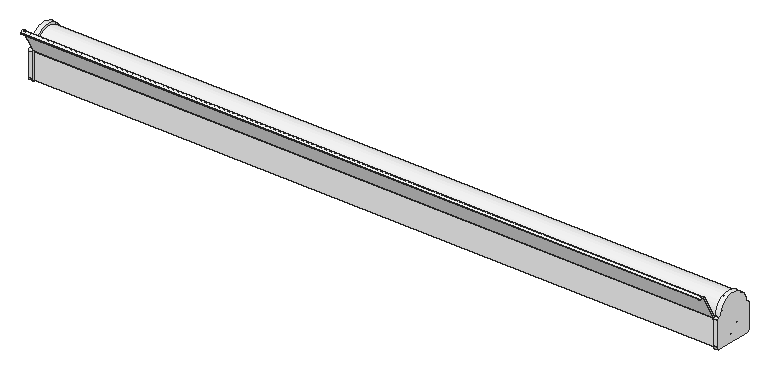
Revit family "0045178+0045234 Feilo Sylvania Lighting Fixture SYLBATTEN LED3 WW TP3 with ASYMMETRIC REFLECTOR ACCESSORY 1200MM", category Lighting Fixtures, host Face, Revit 2017
Family settings
  Host = Face
  Round Connector Dimension = Use Diameter
  Part Type = Normal
  OmniClass Number = 23.80.70.00
  OmniClass Title = Lighting
  Cut with Voids When Loaded = No
  Light Source = Yes
  Shared = No
  Room Calculation Point = No
Parameters (values of type "0045178 SYLBATTEN LED3 WW TP3")
  Width_FEILO = 66 mm
  Weight = "2.57 kg"
  Wattage Comments = "n/a"
  Wattage = 26 W
  WarrantyStartDate [instance] = "n/a"
  WarrantyGuarantorParts = "n/a"
  WarrantyDurationUnit = "n/a"
  WarrantyDurationParts = "n/a"
  WarrantyDescription = "n/a"
  built-in parameter 1150110 = 1 (stored number, unit not read)
  Voltage = 230 V
  URL = "http://www.sylvania-lighting.com"
  TypeName = "SYLBATTEN LED3 WW TP3"
  Type Image = <None>
  Type Comments = "n/a"
  built-in parameter 1114217 = 1 (stored number, unit not read)
  Tilt Angle = -90.00°
  built-in parameter 1150109 = 1 (stored number, unit not read)
  built-in parameter 1150134 = (empty or 0)
  SymReflector_FEILO = no
  built-in parameter 1150113 = 1 (stored number, unit not read)
  SerialNumber [instance] = "n/a"
  PowerFactor = 0
  PowerConsumption = "26 W"
  Photometric Web File = "0045178+0045234.ies"
  NominalLength = 1205 mm
  NominalHeight = 91 mm
  NominalDepth = 122 mm
  Name = "SYLBATTEN LED3 WW TP3"
  ModelReference = Name  # "SYLBATTEN LED3 WW TP3"
  ModelNumber = "0045178"
  Model = Name  # "SYLBATTEN LED3 WW TP3"
  Material_4_FEILO = Reflector-Sylvania-Sylbatten-White
  Material_3_FEILO = Diffuser-Sylvania-Sylbatten-Glow
  Material_2_FEILO = Body-Sylvania-Sylbatten-White
  Material_1_FEILO = Body-Sylvania-Sylbatten-White
  Material = "sheet steel housing, polycarbonate diffuser"
  ManufacturerName = "Feilo Sylvania"
  Manufacturer = "Feilo Sylvania"
  LuminousEfficacy = "94.07 lm/W"
  built-in parameter 1150105 = 194.63 (stored number, unit not read)
  Lumens = 2445.82 lm
  LuminaireType = ""
  built-in parameter 1150115 = 1 (stored number, unit not read)
  LightOutputRatio = "100"
  built-in parameter 1150137 = (empty or 0)
  built-in parameter 1150139 = (empty or 0)
  Length_FEILO = 1205 mm
  LampsType = Lamp  # "LED"
  LampNominalLuminous = "2446 lm"
  LampMacAdamStep = "n/a"
  LampColourTemperature = "3000 K"
  LampColourRenderingIndex = "80"
  built-in parameter 1150112 = 1 (stored number, unit not read)
  built-in parameter 1150114 = 1 (stored number, unit not read)
  Lamp = "LED"
  Keynote = "16500"
  InstallationDate [instance] = "n/a"
  InputVoltage = "220-240V~"
  InputNominalFrequency = "n/a"
  built-in parameter 1150132 = (empty or 0)
  built-in parameter 1150102 = (empty or 0)
  built-in parameter 1150107 = 3000 (stored number, unit not read)
  built-in parameter 1150138 = (empty or 0)
  IngressProtection = "IP20"
  ImpactProtectionIndex = "IK07"
  built-in parameter 1150106 = 1.9463 (stored number, unit not read)
  IfcExportType = "IfcLightFixtureType"
  IfcExportAs = "IfcLightFixtureType"
  Height_FEILO = 76 mm
  ExpectedLife = 50000
  Emit from Rectangle Width = Length_FEILO - 16 mm  # 1189 mm
  Emit from Rectangle Length = Width_FEILO - 40 mm  # 26 mm
  Emit Shape Visible in Rendering = no
  ElectricShockClassification = "Class I"
  built-in parameter 1150104 = 8.7394 (stored number, unit not read)
  DurationUnit = "hours"
  DocumentationLiterature = "http://www.sylvania-lighting.com/product/en-int/products/0045178"
  DimmingControlOptions = "n/a"
  Dimming Lamp Color Temperature Shift = <None>
  Description = "LED batten, T8 replacement, ease of installation through 2 part push-in design of the housing (safety cable included), through wiring capability (TP3 = 3 core), sheet steel, 2446LM, 26W, 94lm/W, 3000K, drive current: 350mA, CRI 80, 138° wide beam angle, electronic driver (non dimmable), IP20, IK07, 50,000 hrs (L70), (LxWxH) 1205x66x76mm, 5 step MacAdam ellipse, 3kg, white RAL 9016, Class 1, 220-240V, energy class: A++, A+, A."
  Default Elevation = 1219.2 mm
  CreatedOn = "1/25/2018"
  CreatedBy = ""
  Cost = 0
  Color Filter = 16777215
  built-in parameter 1114216 [instance] = (empty or 0)
  ClassificationValue = "EF_70_80"
  ClassificationName = "Uniclass2015"
  CapOffset_FEILO = 2 mm
  BarCode [instance] = "n/a"
  built-in parameter 1114218 = 1 (stored number, unit not read)
  BackReflector_FEILO = and(not(AsymReflector_FEILO), SymReflector_FEILO)  # no
  built-in parameter 1150133 = 10 (stored number, unit not read)
  FrontReflector_FEILO = or(AsymReflector_FEILO, SymReflector_FEILO)  # yes
  AsymReflector_FEILO = yes
  AssetType = "Fixed"
  AssetIdentifier [instance] = "n/a"
  Assembly Code = "D5020200"
  Apparent Load = 26 VA
Reference planes
  plane 1 "Center (Front/Back)": y = 0
  plane 2: z = 0
  plane 3 "Center (Left/Right)": x = 0
  plane 4: x = 602.5
  plane 5: x = -602.5
  plane 6: y = 33
  plane 7: y = -33
  plane 8: z = 76
  plane 9: z = 47
  plane 10: y = -29
  plane 11: y = 29
  plane 12: z = 20
  plane 13: z = 74
  plane 14: y = -31
  plane 15: y = -27
  plane 16: y = 27
  plane 17: y = 31
  plane 18: z = 2
  plane 19: x = -594.5
  plane 20: x = 594.5
  plane 21: z = 49
  plane 22: y = 1
  plane 23: y = -1
  plane 24: z = 21
  plane 25: z = 19
  plane 26: y = -61
  plane 27: y = 61
  plane 28: y = -56
  plane 29: y = 56
  plane 30: z = 91
  plane 31: z = 88
Forms (mm)
  Extrusion 1, solid, material "Body-Sylvania-Sylbatten-White" <- "Material_2_FEILO"
    sketch origin (0, 0, 0) x (0, 1, 0) y (0, 0, 1)
      loop
        line (-31, 2) -> (31, 2) -> (31, 45)
        arc (31, 45) -> (30.414, 46.414) -> (29, 47) r 2
        line (29, 47) -> (27, 47)
        arc (27, 47) -> (0, 74) -> (-27, 47) r 27
        line (-27, 47) -> (-29, 47)
        arc (-29, 47) -> (-30.414, 46.414) -> (-31, 45) r 2
        line (-31, 45) -> (-31, 2)
    from -594.5 to 594.5
  Extrusion 2, solid, material "Body-Sylvania-Sylbatten-White" <- "Material_2_FEILO"
    sketch origin (602.5, 1524, 1219.2) x (0, 1, 0) y (0, 0, 1)
      loop
        arc (-1494, -1219.2) -> (-1491.879, -1218.321) -> (-1491, -1216.2) r 3
        line (-1491, -1216.2) -> (-1491, -1173.2)
        arc (-1491, -1173.2) -> (-1491.879, -1171.079) -> (-1494, -1170.2) r 3
        line (-1494, -1170.2) -> (-1495.069, -1170.2)
        arc (-1495.069, -1170.2) -> (-1524, -1143.2) -> (-1552.931, -1170.2) r 29
        line (-1552.931, -1170.2) -> (-1554, -1170.2)
        arc (-1554, -1170.2) -> (-1556.121, -1171.079) -> (-1557, -1173.2) r 3
        line (-1557, -1173.2) -> (-1557, -1216.2)
        arc (-1557, -1216.2) -> (-1556.121, -1218.321) -> (-1554, -1219.2) r 3
        line (-1554, -1219.2) -> (-1494, -1219.2)
      loop
        arc (-1525, -1189.25) -> (-1531.071, -1192.129) -> (-1533.95, -1198.2) r 10
        line (-1533.95, -1198.2) -> (-1532.944, -1198.2)
        arc (-1532.944, -1198.2) -> (-1530.364, -1192.836) -> (-1525, -1190.256) r 9
        line (-1525, -1190.256) -> (-1525, -1189.25)
      loop
        arc (-1523, -1190.256) -> (-1517.636, -1192.836) -> (-1515.056, -1198.2) r 9
        line (-1515.056, -1198.2) -> (-1514.05, -1198.2)
        arc (-1514.05, -1198.2) -> (-1516.929, -1192.129) -> (-1523, -1189.25) r 10
        line (-1523, -1189.25) -> (-1523, -1190.256)
      loop
        line (-1532.944, -1200.2) -> (-1533.95, -1200.2)
        arc (-1533.95, -1200.2) -> (-1531.071, -1206.271) -> (-1525, -1209.15) r 10
        line (-1525, -1209.15) -> (-1525, -1208.144)
        arc (-1525, -1208.144) -> (-1530.364, -1205.564) -> (-1532.944, -1200.2) r 9
      loop
        arc (-1515.056, -1200.2) -> (-1517.636, -1205.564) -> (-1523, -1208.144) r 9
        line (-1523, -1208.144) -> (-1523, -1209.15)
        arc (-1523, -1209.15) -> (-1516.929, -1206.271) -> (-1514.05, -1200.2) r 10
        line (-1514.05, -1200.2) -> (-1515.056, -1200.2)
    from 0 to -8
  Extrusion 3, solid, material "Body-Sylvania-Sylbatten-White" <- "Material_2_FEILO"
    sketch origin (-602.5, 1524, 1219.2) x (0, 1, 0) y (0, 0, 1)
      loop
        arc (-1495.069, -1170.2) -> (-1524, -1143.2) -> (-1552.931, -1170.2) r 29
        line (-1552.931, -1170.2) -> (-1554, -1170.2)
        arc (-1554, -1170.2) -> (-1556.121, -1171.079) -> (-1557, -1173.2) r 3
        line (-1557, -1173.2) -> (-1557, -1216.2)
        arc (-1557, -1216.2) -> (-1556.121, -1218.321) -> (-1554, -1219.2) r 3
        line (-1554, -1219.2) -> (-1494, -1219.2)
        arc (-1494, -1219.2) -> (-1491.879, -1218.321) -> (-1491, -1216.2) r 3
        line (-1491, -1216.2) -> (-1491, -1173.2)
        arc (-1491, -1173.2) -> (-1491.879, -1171.079) -> (-1494, -1170.2) r 3
        line (-1494, -1170.2) -> (-1495.069, -1170.2)
      loop
        line (-1533.95, -1198.2) -> (-1532.944, -1198.2)
        arc (-1532.944, -1198.2) -> (-1530.364, -1192.836) -> (-1525, -1190.256) r 9
        line (-1525, -1190.256) -> (-1525, -1189.25)
        arc (-1525, -1189.25) -> (-1531.071, -1192.129) -> (-1533.95, -1198.2) r 10
      loop
        line (-1523, -1189.25) -> (-1523, -1190.256)
        arc (-1523, -1190.256) -> (-1517.636, -1192.836) -> (-1515.056, -1198.2) r 9
        line (-1515.056, -1198.2) -> (-1514.05, -1198.2)
        arc (-1514.05, -1198.2) -> (-1516.929, -1192.129) -> (-1523, -1189.25) r 10
      loop
        line (-1514.05, -1200.2) -> (-1515.056, -1200.2)
        arc (-1515.056, -1200.2) -> (-1517.636, -1205.564) -> (-1523, -1208.144) r 9
        line (-1523, -1208.144) -> (-1523, -1209.15)
        arc (-1523, -1209.15) -> (-1516.929, -1206.271) -> (-1514.05, -1200.2) r 10
      loop
        line (-1525, -1209.15) -> (-1525, -1208.144)
        arc (-1525, -1208.144) -> (-1530.364, -1205.564) -> (-1532.944, -1200.2) r 9
        line (-1532.944, -1200.2) -> (-1533.95, -1200.2)
        arc (-1533.95, -1200.2) -> (-1531.071, -1206.271) -> (-1525, -1209.15) r 10
    from 0 to 8
  Extrusion 4, solid, material "Reflector-Sylvania-Sylbatten-White" <- "Material_4_FEILO", visible <- "FrontReflector_FEILO"
    sketch origin (0, 0, 0) x (0, 1, 0) y (0, 0, 1)
      loop
        line (-61.257, 88.429) -> (-60.743, 87.571) -> (-56.621, 90.044)
        arc (-56.621, 90.044) -> (-56.237, 90.099) -> (-55.929, 89.863) r 0.5
        line (-55.929, 89.863) -> (-31.435, 46.753) -> (-30.565, 47.247) -> (-55.312, 90.802)
        arc (-55.312, 90.802) -> (-55.928, 91.275) -> (-56.696, 91.165) r 1
        line (-56.696, 91.165) -> (-61.257, 88.429)
    from -594.5 to 594.5
  Extrusion 5, solid, material "Reflector-Sylvania-Sylbatten-White" <- "Material_4_FEILO", visible <- "BackReflector_FEILO"
    sketch origin (0, 0, 0) x (0, 1, 0) y (0, 0, 1)
      loop
        line (30.565, 47.247) -> (31.435, 46.753) -> (55.932, 89.868)
        arc (55.932, 89.868) -> (56.245, 90.112) -> (56.638, 90.062) r 0.518
        line (56.638, 90.062) -> (61.033, 87.565) -> (61.527, 88.435) -> (56.682, 91.188)
        arc (56.682, 91.188) -> (55.922, 91.282) -> (55.318, 90.812) r 1
        line (55.318, 90.812) -> (30.565, 47.247)
    from -594.5 to 594.5
Lines and regions (mm)
  reference lines
    curve 1: line (0, -61, 88) -> (0, -56, 91)
    curve 2: line (0, -56, 91) -> (0, -31, 47)
    curve 3: line (0, 31, 47) -> (0, 56, 91)
    curve 4: line (0, 56, 91) -> (0, 61.28, 88)
Dimensions and locks
  equal spacing: plane 5, plane 3 "Center (Left/Right)", plane 4
  equal spacing: plane 7, plane 1 "Center (Front/Back)", plane 6
  "Width_FEILO": plane 7 to plane 6
  "Length_FEILO": plane 5 to plane 4
  "Height_FEILO": plane 8 to plane 2
  locked: plane 9 to plane 8 at 29
  equal spacing: plane 10, plane 1 "Center (Front/Back)", plane 11
  locked: plane 7 to plane 10 at 4
  locked: plane 12 to plane 2 at 20
  "CapOffset_FEILO": plane 13 to plane 8
  "CapOffset_FEILO": plane 7 to plane 14
  "CapOffset_FEILO": plane 10 to plane 15
  "CapOffset_FEILO": plane 17 to plane 6
  "CapOffset_FEILO": plane 16 to plane 11
  "CapOffset_FEILO": plane 18 to plane 2
  locked: plane 14 to Extrusion 1 sketch curve at 2
  locked: Extrusion 1 sketch curve to plane 9 at 2  (x2)
  locked: plane 16 to Extrusion 1 sketch curve at 2
  equal spacing: plane 19, plane 3 "Center (Left/Right)", plane 20
  locked: plane 5 to plane 19 at 8
  "CapOffset_FEILO": plane 9 to plane 21
  locked: Extrusion 2 sketch curve to plane 2 at 47
  locked: Extrusion 1 sketch curve to plane 2 at 47
  locked: Extrusion 2 sketch curve to plane 2 at 3  (x2)
  locked: plane 7 to Extrusion 2 sketch curve at 3  (x2)
  locked: Extrusion 2 sketch curve to plane 6 at 3  (x2)
  locked: Extrusion 2 sketch curve to plane 21 at 3  (x2)
  equal spacing: plane 23, plane 1 "Center (Front/Back)", plane 22
  equal spacing: plane 25, plane 12, plane 24
  plane 30 to plane 31 to plane 2 = 3 mm locked, 88 mm locked
  plane 28 to plane 29 = 112 mm
  plane 26 to plane 27 = 122 mm
  aligned and locked: plane 2 to host face
  aligned and locked: level to host face
  aligned and locked: plane 18 to Extrusion 1 sketch curve
  aligned and locked: plane 14 to Extrusion 1 sketch curve
  aligned and locked: Extrusion 1 sketch curve to plane 9  (x2)
  aligned and locked: Extrusion 1 sketch curve to plane 17
  aligned and locked: plane 15 to Extrusion 1 sketch curve
  aligned and locked: plane 16 to Extrusion 1 sketch curve
  aligned and locked: plane 9 to Extrusion 1 sketch curve
  aligned and locked: plane 20 to Extrusion 1
  aligned and locked: level to Extrusion 2 sketch curve
  aligned and locked: Extrusion 2 sketch curve to plane 7
  aligned and locked: plane 21 to Extrusion 2 sketch curve
  aligned and locked: Extrusion 2 sketch curve to plane 21
  aligned and locked: plane 1 "Center (Front/Back)" to Extrusion 2 sketch curve  (x3)
  aligned and locked: Extrusion 2 to Extrusion 1
  aligned and locked: plane 4 to Extrusion 2
  aligned and locked: plane 12 to Extrusion 2 sketch curve  (x2)
  aligned and locked: Extrusion 2 sketch curve to plane 22
  aligned and locked: Extrusion 2 sketch curve to plane 23
  aligned and locked: Extrusion 2 sketch curve to plane 24
  aligned and locked: Extrusion 2 sketch curve to plane 25
  aligned and locked: plane 25 to Extrusion 2 sketch curve
  aligned and locked: plane 22 to Extrusion 2 sketch curve
  aligned and locked: plane 24 to Extrusion 2 sketch curve
  aligned and locked: plane 23 to Extrusion 2 sketch curve  (x2)
  aligned and locked: Extrusion 3 sketch curve to Extrusion 2  (x22)
  aligned and locked: Extrusion 3 to Extrusion 1
  aligned and locked: Extrusion 3 to plane 5
  aligned and locked: plane 19 to Extrusion 3
  aligned and locked: plane 31 to curve 1
  aligned and locked: plane 30 to curve 1
  aligned and locked: plane 14 to curve 2
  aligned and locked: plane 9 to curve 2
  aligned and locked: plane 17 to curve 3
  aligned and locked: plane 30 to curve 3
  aligned and locked: plane 31 to curve 4
  aligned and locked: Extrusion 4 sketch curve to curve 2
  aligned and locked: Extrusion 4 sketch curve to curve 1
  aligned and locked: Extrusion 4 to Extrusion 1
  aligned and locked: Extrusion 1 to Extrusion 4
  aligned and locked: imposter light to plane 1 "Center (Front/Back)"
  aligned and locked: imposter light to plane 3 "Center (Left/Right)"
  aligned and locked: imposter light to plane 13
  aligned and locked: Extrusion 5 sketch curve to curve 4
  aligned and locked: Extrusion 5 sketch curve to curve 3
  aligned and locked: Extrusion 1 to Extrusion 5
  aligned and locked: Extrusion 5 to Extrusion 1
Automatic sketch dimensions
  host sketch curve to host sketch curve = 2438.4 mm  (x2)
  Extrusion 2 sketch curve to Extrusion 2 sketch curve = 0 mm  (x14)
  Extrusion 2 sketch curve to plane 10 = 0.069 mm
  plane 23 to Extrusion 2 sketch curve = 8.95 mm
  Extrusion 2 sketch curve to Extrusion 2 sketch curve = 1.006 mm  (x4)
  Extrusion 2 sketch curve to plane 22 = 7.944 mm
  curve 1 to plane 26 = 0 mm
  curve 2 to plane 28 = 0 mm
  curve 4 to plane 29 = 0 mm
  plane 9 to curve 3 = 0 mm
  plane 26 to Extrusion 4 sketch curve = 0.257 mm
  Extrusion 4 sketch curve to plane 26 = 0.257 mm
  Extrusion 4 sketch curve to plane 30 = 0.165 mm
  plane 28 to Extrusion 4 sketch curve = 0.696 mm
  plane 28 to Extrusion 4 sketch curve = 0.621 mm
  plane 28 to Extrusion 4 sketch curve = 0.364 mm
  plane 28 to Extrusion 4 sketch curve = 0.182 mm
  Extrusion 4 sketch curve to plane 28 = 0.071 mm
  plane 30 to Extrusion 4 sketch curve = 0.198 mm
  Extrusion 4 sketch curve to plane 28 = 0.688 mm
  plane 9 to Extrusion 4 sketch curve = 0.247 mm
  plane 1 "Center (Front/Back)" to Extrusion 4 sketch curve = 31.435 mm
  Extrusion 5 sketch curve to plane 9 = 0.247 mm
  Extrusion 5 sketch curve to plane 1 "Center (Front/Back)" = 30.565 mm
  plane 9 to Extrusion 5 sketch curve = 0.247 mm
  plane 30 to Extrusion 5 sketch curve = 0.188 mm
  plane 29 to Extrusion 5 sketch curve = 0.068 mm
  Extrusion 5 sketch curve to plane 29 = 0.188 mm
  Extrusion 5 sketch curve to plane 29 = 0.382 mm
  Extrusion 5 sketch curve to Extrusion 5 sketch curve = 0.256 mm
  Extrusion 5 sketch curve to plane 30 = 0.188 mm
  Extrusion 5 sketch curve to plane 29 = 0.682 mm
  Extrusion 5 sketch curve to plane 27 = 0.033 mm
  Extrusion 5 sketch curve to plane 27 = 0.527 mm
Connectors
  electrical at (0, 0, 0), driven by "Apparent Load", driven by "PowerFactor", driven by "Voltage"
    settings: index 1, voltage 230 V, apparent load 26 VA, apparent load phase1 0 VA, apparent load phase2 0 VA, apparent load phase3 0 VA, power factor 0, load classification "Lighting", number of poles 1, system type 30, power factor state 1, is connector primary yes, connector utility no, sub classification motor no, connector description ""
